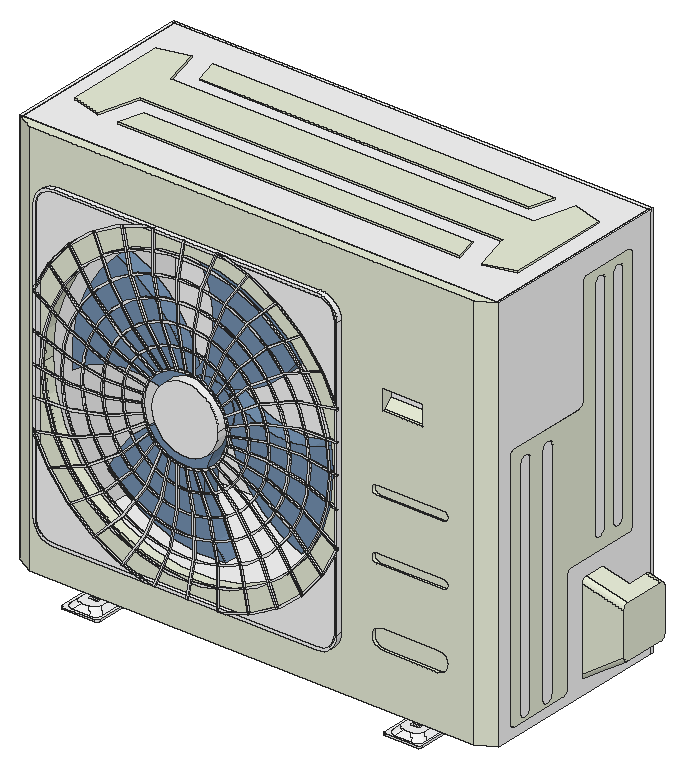
Revit family "SYSCOOL FLOOR 48 HP R, наружный  блок", category Оборудование, Revit 2019
Family settings
  Размер круглого соединителя = Использовать радиус
  Тип детали = Нормальный
  Номер OmniClass = 23.75.00.00
  Заголовок OmniClass = Climate Control (HVAC)
  На основе рабочей плоскости = Нет
  Всегда вертикально = Да
  При загрузке вырезать с полостями = Нет
  Общий = Нет
  Точка расчета площади = Нет
Parameters (values of type "MOU-48HN1-R")
  clearance access right = 600.000 mm
  clearance access left = 300.000 mm
  clearance access front = 2000.000 mm
  clearance access behind = 300.000 mm
  clearance [instance] = no
  Width = 946.000 mm
  Series = ""
  Power supply = "380-415V,3Ph,50Hz"
  Net Weight = 98.60 kg
  Группа модели = "MOU-48HN1-R"
  Minimum Circuit Amps = 11 A
  Min cable selection (power wiring) = "5x2.5"
  Maximum Fuse Amps = 25 A
  Liquid pipe Radius = 0.5 * Liquid pipe  # 4.760 mm
  Liquid pipe = 9.520 mm
  Installation = "Outdoor installation"
  Height = 810.000 mm
  Gas pipe Radius = 0.5 * Gas pipe  # 7.950 mm
  Gas pipe = 15.900 mm
  Gas = "R410A"
  Depth = 410.000 mm
  Condensation = ""
  Compressor = "1"
  Casing color = "SB2098"
  Air Flow = 7500.00 m³/h
Reference planes
  plane 1 "Center (Front/Back)": y = 0
  plane 2: z = 0
  plane 3 "Center (Left/Right)": x = 0
  plane 4: y = 221
  plane 5: y = -189
  plane 6: x = -473
  plane 7: x = 473
  plane 8: z = 406.5
  plane 9: z = 300.608
  plane 10: z = 578.117
  plane 11: z = 810
  plane 12: x = 557
  plane 13: x = -122.998
Forms (mm)
  Extrusion 1, solid, material "Galvanized Steel", detail levels medium+fine
    sketch origin (-463, 0, 789) x (1, 0, 0) y (0, 1, 0)
      loop
        line (-9.739, -159) -> (24.902, -179) -> (901.458, -179) -> (936.099, -159) -> (-9.739, -159)
    from -765 to 21
  Extrusion 2, void
    sketch origin (0, 0, 0) x (1, 0, 0) y (0, 0, 1)
      loop
        circle (-122.999, 406.499) r 286
    from 159 to 199
  Extrusion 3, void
    sketch origin (0, 0, 0) x (0, 1, 0) y (0, 0, 1)
      loop
        line (-199, 592.5) -> (-199, 552.5) -> (-174, 552.5) -> (-159, 567.5) -> (-159, 592.5) -> (-199, 592.5)
    from 258.52 to 338.52
  Extrusion 4, void
    sketch origin (0, 0, 105) x (1, 0, 0) y (0, 0, 1)
      loop
        line (248.678, 292.949) -> (378.678, 292.949)
        arc (378.678, 292.949) -> (388.678, 302.949) -> (378.678, 312.949) r 10
        line (378.678, 312.949) -> (248.678, 312.949)
        arc (248.678, 312.949) -> (238.678, 302.949) -> (248.678, 292.949) r 10
    from 173.155 to 179
  Extrusion 5, void
    sketch origin (0, 0, -15) x (1, 0, 0) y (0, 0, 1)
      loop
        line (248.678, 292.949) -> (378.678, 292.949)
        arc (378.678, 292.949) -> (388.678, 302.949) -> (378.678, 312.949) r 10
        line (378.678, 312.949) -> (248.678, 312.949)
        arc (248.678, 312.949) -> (238.678, 302.949) -> (248.678, 292.949) r 10
    from 173.155 to 179
  Extrusion 6, void
    sketch origin (0, 0, -145) x (1, 0, 0) y (0, 0, 1)
      loop
        line (258.678, 272.949) -> (368.678, 272.949)
        arc (368.678, 272.949) -> (388.678, 292.949) -> (368.678, 312.949) r 20
        line (368.678, 312.949) -> (258.678, 312.949)
        arc (258.678, 312.949) -> (238.678, 292.949) -> (258.678, 272.949) r 20
    from 173.155 to 179
  Extrusion 7, solid, material "Galvanized Steel", detail levels fine
    sketch origin (0, 20, 0) x (1, 0, 0) y (0, 1, 0)
      loop
        line (-436.632, 111.286) -> (-436.632, -88.714) -> (-378.677, -104.243) -> (-357.971, -26.969) -> (0, -26.969) -> (357.971, -26.969) -> (378.677, -104.243) -> (436.632, -88.714) -> (436.632, 111.286) -> (378.677, 126.816) -> (357.971, 49.542) -> (0, 49.542) -> (-357.971, 49.542) -> (-378.677, 126.816) -> (-436.632, 111.286)
      loop
        line (-337.266, 126.816) -> (-324.511, 79.213) -> (0, 79.213) -> (324.511, 79.213) -> (337.266, 126.816) -> (0, 126.816) -> (-337.266, 126.816)
      loop
        line (-337.266, -106.816) -> (0, -106.816) -> (337.266, -106.816) -> (324.511, -59.213) -> (0, -59.213) -> (-324.511, -59.213) -> (-337.266, -106.816)
    from 810 to 813
  Extrusion 8, solid, material "Galvanized Steel", detail levels fine
    sketch origin (0, 5, 0) x (0, 1, 0) y (0, 0, 1)
      loop
        arc (51.567, 765.069) -> (44.496, 762.14) -> (41.567, 755.069) r 10
        line (41.567, 755.069) -> (41.567, 545.948)
        arc (41.567, 545.948) -> (38.638, 538.877) -> (31.567, 535.948) r 10
        line (31.567, 535.948) -> (-128.433, 535.948)
        arc (-128.433, 535.948) -> (-135.504, 533.019) -> (-138.433, 525.948) r 10
        line (-138.433, 525.948) -> (-138.433, 55.069)
        arc (-138.433, 55.069) -> (-135.504, 47.998) -> (-128.433, 45.069) r 10
        line (-128.433, 45.069) -> (-10, 45.069)
        arc (-10, 45.069) -> (-2.929, 47.998) -> (0, 55.069) r 10
        line (0, 55.069) -> (0, 255.069)
        arc (0, 255.069) -> (2.929, 262.14) -> (10, 265.069) r 10
        line (10, 265.069) -> (151.567, 265.069)
        arc (151.567, 265.069) -> (158.638, 267.998) -> (161.567, 275.069) r 10
        line (161.567, 275.069) -> (161.567, 755.069)
        arc (161.567, 755.069) -> (158.638, 762.14) -> (151.567, 765.069) r 10
        line (151.567, 765.069) -> (51.567, 765.069)
      loop
        arc (114, 300.608) -> (126.5, 288.108) -> (139, 300.608) r 12.5
        line (139, 300.608) -> (139, 738.569)
        arc (139, 738.569) -> (126.5, 751.069) -> (114, 738.569) r 12.5
        line (114, 738.569) -> (114, 300.608)
      loop
        arc (69, 300.608) -> (81.5, 288.108) -> (94, 300.608) r 12.5
        line (94, 300.608) -> (94, 738.569)
        arc (94, 738.569) -> (81.5, 751.069) -> (69, 738.569) r 12.5
        line (69, 738.569) -> (69, 300.608)
      loop
        arc (-90.334, 502.282) -> (-102.834, 514.782) -> (-115.334, 502.282) r 12.5
        line (-115.334, 502.282) -> (-115.334, 62.282)
        arc (-115.334, 62.282) -> (-102.834, 49.782) -> (-90.334, 62.282) r 12.5
        line (-90.334, 62.282) -> (-90.334, 502.282)
      loop
        arc (-60.433, 62.282) -> (-47.933, 49.782) -> (-35.433, 62.282) r 12.5
        line (-35.433, 62.282) -> (-35.433, 502.282)
        arc (-35.433, 502.282) -> (-47.933, 514.782) -> (-60.433, 502.282) r 12.5
        line (-60.433, 502.282) -> (-60.433, 62.282)
    from 473 to 475
  Extrusion 9, solid, material "Galvanized Steel", detail levels fine
    sketch origin (0, 0, 0) x (0, 1, 0) y (0, 0, 1)
      loop
        circle (108.036, 184) r 4.76
    from 463 to 498.33
  Extrusion 10, solid, material "Galvanized Steel", detail levels fine
    sketch origin (0, 0, -35) x (0, 1, 0) y (0, 0, 1)
      loop
        circle (108.036, 184) r 7.95
    from 463 to 498.33
Cuts and joins
  Extrusion 2, Extrusion 3, Extrusion 4, Extrusion 5, Extrusion 6 cuts Extrusion 1
Lines and regions (mm)
  model lines, detail levels fine
    curve 1: line (208, -179, 789) -> (208, -179, 24)
    curve 2: line (473, -105.87, 759.117) -> (473, 14.13, 759.117)
    curve 3: line (473, 14.13, 759.117) -> (473, 14.13, 579.117)
    curve 4: line (473, 14.13, 579.117) -> (473, -105.87, 579.117)
    curve 5: line (473, -105.87, 579.117) -> (473, -105.87, 759.117)
  model lines
    curve 6: line (-473, 221, 810) -> (-473, -159, 810)
    curve 7: line (473, 221, 810) -> (-473, 221, 810)
    curve 8: line (473, -159, 810) -> (473, 221, 810)
    curve 9: line (-473, -159, 810) -> (473, -159, 810)
    curve 10: line (-473, 221, 24) -> (-473, -159, 24)
    curve 11: line (473, 221, 24) -> (-473, 221, 24)
    curve 12: line (473, -159, 24) -> (473, 221, 24)
    curve 13: line (-473, -159, 24) -> (473, -159, 24)
    curve 14: line (-473, -159, 810) -> (-473, -159, 24)
    curve 15: line (473, -159, 24) -> (473, -159, 810.026)
    curve 16: line (473, 221, 810) -> (473, 221, 24)
    curve 17: line (-473, 221, 24) -> (-473, 221, 810)
Dimensions and locks
  aligned and locked: level to plane 2
Nested families
  nested 1: "pingban-HXL" at (-473, 221, 24), type "pingban-HXL", detail levels medium+fine
    with Width 946.000 mm, Height 786.000 mm, Depth 5.000 mm
  nested 2: "pingban-HXL" at (-473, -159, 24) x (0, 1, 0) z (0, 0, 1), type "pingban-HXL", detail levels medium+fine
    with Width 375.000 mm, Height 786.000 mm, Depth 5.000 mm
  nested 3: "pingban-HXL" at (473, 216, 24) x (0, -1, 0) z (0, 0, 1), type "pingban-HXL", detail levels medium+fine
    with Width 375.000 mm, Height 786.000 mm, Depth 5.000 mm
  nested 4: "xiaodijia2" at (318, 20, 0), type "xiaodijia2", detail levels medium+fine
  nested 5: "xiaodijia2" at (-318, 20, 0), type "xiaodijia2", detail levels medium+fine
  nested 6: "pingban-HXL" at (-468, 216, 24), type "pingban-HXL", detail levels medium+fine
    with Width 936.000 mm, Height 5.000 mm, Depth 375.000 mm
  nested 7: "pingban-HXL" at (-468, 216, 805), type "pingban-HXL", detail levels medium+fine
    with Width 936.000 mm, Height 5.000 mm, Depth 375.000 mm
  nested 8: "service space" at (-473, 221, 0), visible <- "clearance", type "Midea Service  Space"
    with Width 1030.000 mm, Height 810.000 mm, Depth 300.000 mm
  nested 9: "service space" at (557, -189, 0), visible <- "clearance", type "Midea Service  Space"
    with Width 600.000 mm, Height 810.000 mm, Depth 410.000 mm
  nested 10: "service space" at (-773, -189, 0), visible <- "clearance", type "Midea Service  Space"
    with Width 300.000 mm, Height 810.000 mm, Depth 410.000 mm
  nested 11: "service space" at (-479, -2189, 0), visible <- "clearance", type "Midea Service  Space"
    with Width 1036.000 mm, Height 810.000 mm, Depth 2000.000 mm
  nested 12: "pretection" at (503.205, 94, 53.418), type "pretection", detail levels fine
    with clearance no
  nested 13: "fengkou300（fangxing2）" at (-123, -189, 406.5) x (1, 0, 0) z (0, 1, 0), type "fengkou300（fangxing2）", detail levels medium+fine
  nested 14: "fengshan270" at (-122.996, -100, 406.5) x (0, 0, 1) z (0, -1, 0), type "fengshan270", detail levels fine
Connectors
  piping at (498.33, 108.036, 184), diameter 9.52, driven by "Liquid pipe Radius"
    settings: on Extrusion 9, index 1, connector inside diameter 0.3748", connector length 0.000 mm, flow factor 0, pipe flow 0 GPM, pressure drop 0.00 psi, fitting loss kfactor 0, connector angle 0.00°, fixture units 0, engagement length 0.000 mm, angle of deflection 0.00°, flow configuration 0, flow direction 0, fitting loss method 0, system type 7, joint type 0, gender type 0, connector reference index -1, connector utility 0, adjustable connector no, is connector primary no, connector description "Liquid pipe"
  piping at (498.33, 108.036, 149), diameter 15.9, driven by "Gas pipe Radius"
    settings: on Extrusion 10, index 2, connector inside diameter 0.62598", connector length 0.000 mm, flow factor 0, pipe flow 0 GPM, pressure drop 0.00 psi, fitting loss kfactor 0, connector angle 0.00°, fixture units 0, engagement length 0.000 mm, angle of deflection 0.00°, flow configuration 0, flow direction 0, fitting loss method 0, system type 7, joint type 0, gender type 0, connector reference index -1, connector utility 0, adjustable connector no, is connector primary yes, connector description "Gas pipe"
  electrical at (298.52, -159, 580)
    settings: on cut or joined group of Extrusion 1, Extrusion 2, Extrusion 3, Extrusion 4, Extrusion 5, Extrusion 6, index 3, voltage 220 V, apparent load 0 VA, apparent load phase1 0 VA, apparent load phase2 0 VA, apparent load phase3 0 VA, power factor 1, load classification "HVAC", number of poles 1, system type 30, power factor state 1, is connector primary yes, connector utility no, sub classification motor no, connector description "Power supply"
Definition of nested family "pingban-HXL"
  Parameters
    Width [instance] = 65.000 mm
    Series = ""
    Machine material = none
    Installation = ""
    Height [instance] = 100.000 mm
    Gas = ""
    Depth [instance] = 5.000 mm
    Condensation = ""
  Reference planes
    plane 1 "Center (Front/Back)": y = 0
    plane 2: z = 0
    plane 3 "Center (Left/Right)": x = 0
    plane 4: z = 160
    plane 5: x = 65
  Forms (mm)
    Extrusion 1, solid, material <- "Machine material"
      sketch origin (0, 0, 0) x (1, 0, 0) y (0, 0, 1)
        loop
          line (0, 100) -> (0, 0) -> (65, 0) -> (65, 100) -> (0, 100)
      from 0 to 5
  Dimensions and locks
    "Width": Extrusion 1 to plane 3 "Center (Left/Right)"
    "Height": Extrusion 1 to level
    "Depth": Extrusion 1 to plane 1 "Center (Front/Back)"
    aligned and locked: level to plane 2
  Automatic sketch dimensions
    Extrusion 1 sketch curve to plane 3 "Center (Left/Right)" = 0.000 mm
    Extrusion 1 sketch curve to level = 0.000 mm
    Extrusion 1 sketch curve to plane 5 = 0.000 mm
    Extrusion 1 sketch curve to plane 4 = 60.000 mm
Definition of nested family "xiaodijia2"
  Reference planes
    plane 1 "Center (Front/Back)": y = 0
    plane 2: z = 0
    plane 3 "Center (Left/Right)": x = 0
    plane 4: y = 227
    plane 5: x = -36.5
    plane 6: x = 36.5
    plane 7: z = 12
    plane 8: z = 3
    plane 9: z = 24
    plane 10: y = -20
    plane 11: y = 20
    plane 12: x = 21.5
    plane 13: x = -21.5
    plane 14: y = 190
    plane 15: y = -190
    plane 16: x = -6
    plane 17: x = 6
    plane 18: y = -186
    plane 19: y = -194
  Forms (mm)
    Blend 1, solid
      base sketch origin (0, 0, 0) x (1, 0, 0) y (0, 1, 0)
        loop
          line (6.5, 212) -> (-6.5, 212)
          arc (-6.5, 212) -> (-17.107, 207.607) -> (-21.5, 197) r 15
          line (-21.5, 197) -> (-21.5, -197)
          arc (-21.5, -197) -> (-17.107, -207.607) -> (-6.5, -212) r 15
          line (-6.5, -212) -> (6.5, -212)
          arc (6.5, -212) -> (17.107, -207.607) -> (21.5, -197) r 15
          line (21.5, -197) -> (21.5, 197)
          arc (21.5, 197) -> (17.107, 207.607) -> (6.5, 212) r 15
      top sketch origin (0, 0, 0) x (1, 0, 0) y (0, 1, 0)
        loop
          line (26.5, 222) -> (-26.5, 222)
          arc (-26.5, 222) -> (-30.036, 220.536) -> (-31.5, 217) r 5
          line (-31.5, 217) -> (-31.5, -207)
          arc (-31.5, -207) -> (-27.107, -217.607) -> (-16.5, -222) r 15
          line (-16.5, -222) -> (16.5, -222)
          arc (16.5, -222) -> (27.107, -217.607) -> (31.5, -207) r 15
          line (31.5, -207) -> (31.5, 217)
          arc (31.5, 217) -> (30.036, 220.536) -> (26.5, 222) r 5
      from 12 to 3
    Blend 2, void
      base sketch origin (0, 0, 0) x (1, 0, 0) y (0, 1, 0)
        loop
          line (6.5, 202) -> (-6.5, 202)
          arc (-6.5, 202) -> (-10.036, 200.536) -> (-11.5, 197) r 5
          line (-11.5, 197) -> (-11.5, -197)
          arc (-11.5, -197) -> (-10.036, -200.536) -> (-6.5, -202) r 5
          line (-6.5, -202) -> (6.5, -202)
          arc (6.5, -202) -> (10.036, -200.536) -> (11.5, -197) r 5
          line (11.5, -197) -> (11.5, 197)
          arc (11.5, 197) -> (10.036, 200.536) -> (6.5, 202) r 5
      top sketch origin (0, 0, 0) x (1, 0, 0) y (0, 1, 0)
        loop
          line (31.5, -207) -> (31.5, 217)
          arc (31.5, 217) -> (30.036, 220.536) -> (26.5, 222) r 5
          line (26.5, 222) -> (-26.5, 222)
          arc (-26.5, 222) -> (-30.036, 220.536) -> (-31.5, 217) r 5
          line (-31.5, 217) -> (-31.5, -207)
          arc (-31.5, -207) -> (-27.107, -217.607) -> (-16.5, -222) r 15
          line (-16.5, -222) -> (16.5, -222)
          arc (16.5, -222) -> (27.107, -217.607) -> (31.5, -207) r 15
      from 8.355 to 3
    Extrusion 3, solid
      sketch origin (0, 0, 0) x (1, 0, 0) y (0, 1, 0)
        loop
          arc (-31.5, 227) -> (-35.036, 225.536) -> (-36.5, 222) r 5
          line (-36.5, 222) -> (-36.5, -222)
          arc (-36.5, -222) -> (-35.036, -225.536) -> (-31.5, -227) r 5
          line (-31.5, -227) -> (31.5, -227)
          arc (31.5, -227) -> (35.036, -225.536) -> (36.5, -222) r 5
          line (36.5, -222) -> (36.5, 222)
          arc (36.5, 222) -> (35.036, 225.536) -> (31.5, 227) r 5
          line (31.5, 227) -> (-31.5, 227)
        loop
          arc (-26.5, 222) -> (-30.036, 220.536) -> (-31.5, 217) r 5
          line (-31.5, 217) -> (-31.5, -207)
          arc (-31.5, -207) -> (-27.107, -217.607) -> (-16.5, -222) r 15
          line (-16.5, -222) -> (16.5, -222)
          arc (16.5, -222) -> (27.107, -217.607) -> (31.5, -207) r 15
          line (31.5, -207) -> (31.5, 217)
          arc (31.5, 217) -> (30.036, 220.536) -> (26.5, 222) r 5
          line (26.5, 222) -> (-26.5, 222)
      from 0 to 3
    Extrusion 4, solid
      sketch origin (0, 0, 0) x (0, 1, 0) y (0, 0, 1)
        loop
          arc (-19.275, 24) -> (-19.902, 23.667) -> (-20.264, 23.056) r 1.312
          line (-20.264, 23.056) -> (-22.833, 13.434)
          arc (-22.833, 13.434) -> (-23.437, 12.605) -> (-24.266, 12) r 3.318
          line (-24.266, 12) -> (24.266, 12)
          arc (24.266, 12) -> (23.437, 12.605) -> (22.833, 13.434) r 3.318
          line (22.833, 13.434) -> (20.264, 23.056)
          arc (20.264, 23.056) -> (19.902, 23.667) -> (19.275, 24) r 1.312
          line (19.275, 24) -> (-19.275, 24)
      from -21.5 to 21.5
    Extrusion 5, solid
      sketch origin (0, 150, 0) x (0, 1, 0) y (0, 0, 1)
        loop
          arc (-19.275, 24) -> (-19.902, 23.667) -> (-20.264, 23.056) r 1.312
          line (-20.264, 23.056) -> (-22.833, 13.434)
          arc (-22.833, 13.434) -> (-23.437, 12.605) -> (-24.266, 12) r 3.318
          line (-24.266, 12) -> (24.266, 12)
          arc (24.266, 12) -> (23.437, 12.605) -> (22.833, 13.434) r 3.318
          line (22.833, 13.434) -> (20.264, 23.056)
          arc (20.264, 23.056) -> (19.902, 23.667) -> (19.275, 24) r 1.312
          line (19.275, 24) -> (-19.275, 24)
      from -21.5 to 21.5
    Extrusion 6, solid
      sketch origin (0, -150, 0) x (0, 1, 0) y (0, 0, 1)
        loop
          arc (-19.275, 24) -> (-19.902, 23.667) -> (-20.264, 23.056) r 1.312
          line (-20.264, 23.056) -> (-22.833, 13.434)
          arc (-22.833, 13.434) -> (-23.437, 12.605) -> (-24.266, 12) r 3.318
          line (-24.266, 12) -> (24.266, 12)
          arc (24.266, 12) -> (23.437, 12.605) -> (22.833, 13.434) r 3.318
          line (22.833, 13.434) -> (20.264, 23.056)
          arc (20.264, 23.056) -> (19.902, 23.667) -> (19.275, 24) r 1.312
          line (19.275, 24) -> (-19.275, 24)
      from -21.5 to 21.5
    Extrusion 7, void
      sketch origin (0, 0, 0) x (1, 0, 0) y (0, 1, 0)
        loop
          arc (-6, -186) -> (-10, -190) -> (-6, -194) r 4
          line (-6, -194) -> (6, -194)
          arc (6, -194) -> (10, -190) -> (6, -186) r 4
          line (6, -186) -> (-6, -186)
        loop
          line (-6, 186) -> (6, 186)
          arc (6, 186) -> (10, 190) -> (6, 194) r 4
          line (6, 194) -> (-6, 194)
          arc (-6, 194) -> (-10, 190) -> (-6, 186) r 4
      from 0 to 20
  Cuts and joins
    Blend 2, Extrusion 7 cuts Blend 1
  Dimensions and locks
    aligned and locked: level to plane 2
Definition of nested family "service space"
  Parameters
    Width [instance] = 500.000 mm
    Height [instance] = 500.000 mm
    Depth [instance] = 500.000 mm
  Reference planes
    plane 1 "Center (Front/Back)": y = 0
    plane 2: z = 0
    plane 3 "Center (Left/Right)": x = 0
    plane 4: z = 500
    plane 5: y = 500
    plane 6: x = 500
  Forms (mm)
    Extrusion 1, solid
      sketch origin (0, 0, 0) x (1, 0, 0) y (0, 1, 0)
        loop
          line (0, 500) -> (0, 0) -> (500, 0) -> (500, 500) -> (0, 500)
      from 0 to 500
  Dimensions and locks
    "Width": plane 3 "Center (Left/Right)" to plane 6
    "Depth": plane 5 to plane 1 "Center (Front/Back)"
    "Height": level to plane 4
    aligned and locked: level to plane 2
    aligned and locked: plane 5 to Extrusion 1
    aligned and locked: Extrusion 1 to plane 6
    aligned and locked: Extrusion 1 to plane 3 "Center (Left/Right)"
    aligned and locked: plane 1 "Center (Front/Back)" to Extrusion 1
    aligned and locked: Extrusion 1 to plane 4
  Automatic sketch dimensions
    Extrusion 1 sketch curve to plane 3 "Center (Left/Right)" = 0.000 mm
    plane 1 "Center (Front/Back)" to Extrusion 1 sketch curve = 0.000 mm
    Extrusion 1 sketch curve to plane 6 = 0.000 mm
    Extrusion 1 sketch curve to plane 5 = 0.000 mm
Definition of nested family "pretection"
  Parameters
    clearance access right = 0.000 mm
    clearance access left = 0.000 mm
    clearance access front = 0.000 mm
    clearance access behind = 0.000 mm
    clearance [instance] = no
    Width = 102.000 mm
    Series = ""
    Panel color = ""
    Net Weight = 0.00 kg
    Minimum Circuit Amps = 0 A
    Min cable selection (power wiring) = ""
    Maximum Fuse Amps = 0 A
    Machine material = none
    Installation = ""
    Height = 180.000 mm
    Heating Power Input = 0.00 kW
    Heating Capacity = 0.00 kW
    Gas = ""
    Depth = 100.000 mm
    Cooling Power Input = 0.00 kW
    Cooling Capacity = 0.00 kW
    Condensation = ""
    Compressor = ""
    Casing color = ""
    Air Flow = 0.00 m³/h
  Reference planes
    plane 1 "Center (Front/Back)": y = 0
    plane 2: z = 0
    plane 3 "Center (Left/Right)": x = 0
    plane 4: z = 170
    plane 5: z = 10
    plane 6: y = 40
    plane 7: y = -40
    plane 8: z = 68.89
    plane 9: z = 152.015
    plane 10: x = 53.795
    plane 11: x = -30.205
  Forms (mm)
    Blend 1, solid
      base sketch origin (0, 0, 0) x (0, 1, 0) y (0, 0, 1)
        loop
          arc (-40, 162.015) -> (-47.071, 159.086) -> (-50, 152.015) r 10
          line (-50, 152.015) -> (-50, 68.89)
          arc (-50, 68.89) -> (-47.071, 61.819) -> (-40, 58.89) r 10
          line (-40, 58.89) -> (40, 58.89)
          arc (40, 58.89) -> (47.071, 61.819) -> (50, 68.89) r 10
          line (50, 68.89) -> (50, 152.015)
          arc (50, 152.015) -> (47.071, 159.086) -> (40, 162.015) r 10
          line (40, 162.015) -> (-40, 162.015)
      top sketch origin (0, 0, 0) x (0, 1, 0) y (0, 0, 1)
        loop
          arc (-40, 180) -> (-47.071, 177.071) -> (-50, 170) r 10
          line (-50, 170) -> (-50, 10)
          arc (-50, 10) -> (-47.071, 2.929) -> (-40, 0) r 10
          line (-40, 0) -> (40, 0)
          arc (40, 0) -> (47.071, 2.929) -> (50, 10) r 10
          line (50, 10) -> (50, 170)
          arc (50, 170) -> (47.071, 177.071) -> (40, 180) r 10
          line (40, 180) -> (-40, 180)
      from 53.795 to -30.205
    Blend 2, void
      base sketch origin (0, 0, 0) x (0, 1, 0) y (0, 0, 1)
        loop
          line (40, 157.015) -> (-40, 157.015)
          arc (-40, 157.015) -> (-43.536, 155.55) -> (-45, 152.015) r 5
          line (-45, 152.015) -> (-45, 68.89)
          arc (-45, 68.89) -> (-43.536, 65.354) -> (-40, 63.89) r 5
          line (-40, 63.89) -> (40, 63.89)
          arc (40, 63.89) -> (43.536, 65.354) -> (45, 68.89) r 5
          line (45, 68.89) -> (45, 152.015)
          arc (45, 152.015) -> (43.536, 155.55) -> (40, 157.015) r 5
      top sketch origin (0, 0, 0) x (0, 1, 0) y (0, 0, 1)
        loop
          line (40, 175) -> (-40, 175)
          arc (-40, 175) -> (-43.536, 173.536) -> (-45, 170) r 5
          line (-45, 170) -> (-45, 10)
          arc (-45, 10) -> (-43.536, 6.464) -> (-40, 5) r 5
          line (-40, 5) -> (40, 5)
          arc (40, 5) -> (43.536, 6.464) -> (45, 10) r 5
          line (45, 10) -> (45, 170)
          arc (45, 170) -> (43.536, 173.536) -> (40, 175) r 5
      from 45.659 to -59.109
    Extrusion 3, void
      sketch origin (0, 0, 0) x (1, 0, 0) y (0, 1, 0)
        loop
          line (-51, 50) -> (-51, 0) -> (25.403, 0) -> (25.403, 50) -> (-51, 50)
      from 53.418 to 250
  Cuts and joins
    Blend 2, Extrusion 3 cuts Blend 1
  Dimensions and locks
    aligned and locked: level to plane 2
Definition of nested family "fengkou300（fangxing2）"
  Parameters
    Series = ""
    Machine material = none
    Installation = ""
    Gas = ""
    Condensation = ""
  Reference planes
    plane 1 "Center (Front/Back)": y = 0
    plane 2: z = 0
    plane 3 "Center (Left/Right)": x = 0
    plane 4: y = 316
    plane 5: y = -316
    plane 6: x = -300
    plane 7: x = 300
    plane 8: through (306.104, -306.102, 1219.2) normal (-0.7071, -0.7071, 0)
    plane 9: through (-306.478, -306.479, 1219.2) normal (0.7071, -0.7071, 0)
  Forms (mm)
    Extrusion 1, solid, material <- "Machine material"
      sketch origin (0, 0, 0) x (1, 0, 0) y (0, 1, 0)
        loop
          arc (-260, 316) -> (-288.284, 304.284) -> (-300, 276) r 40
          line (-300, 276) -> (-300, -276)
          arc (-300, -276) -> (-288.284, -304.284) -> (-260, -316) r 40
          line (-260, -316) -> (260, -316)
          arc (260, -316) -> (288.284, -304.284) -> (300, -276) r 40
          line (300, -276) -> (300, 276)
          arc (300, 276) -> (288.284, 304.284) -> (260, 316) r 40
          line (260, 316) -> (-260, 316)
        loop
          line (260, 311) -> (-260, 311)
          arc (-260, 311) -> (-284.749, 300.749) -> (-295, 276) r 35
          line (-295, 276) -> (-295, -276)
          arc (-295, -276) -> (-284.749, -300.749) -> (-260, -311) r 35
          line (-260, -311) -> (260, -311)
          arc (260, -311) -> (284.749, -300.749) -> (295, -276) r 35
          line (295, -276) -> (295, 276)
          arc (295, 276) -> (284.749, 300.749) -> (260, 311) r 35
      from 0 to 10
    Extrusion 2, solid, material <- "Machine material"
      sketch origin (-1059.446, 0, 0) x (1, 0, 0) y (0, 1, 0)
        loop
          arc (1057.944, 325.999) -> (1075.678, 204.494) -> (1057.944, 82.989) r 425.111
          line (1057.944, 82.989) -> (1060.944, 82.989)
          arc (1060.944, 82.989) -> (1079.329, 204.494) -> (1060.944, 325.999) r 410.684
          line (1060.944, 325.999) -> (1057.944, 325.999)
        loop
          arc (1060.948, -325.999) -> (1043.214, -204.494) -> (1060.948, -82.989) r 425.111
          line (1060.948, -82.989) -> (1057.948, -82.989)
          arc (1057.948, -82.989) -> (1039.562, -204.494) -> (1057.948, -325.999) r 410.684
          line (1057.948, -325.999) -> (1060.948, -325.999)
        loop
          arc (1385.445, 1.502) -> (1263.939, -16.232) -> (1142.434, 1.502) r 425.111
          line (1142.434, 1.502) -> (1142.434, -1.498)
          arc (1142.434, -1.498) -> (1263.939, -19.884) -> (1385.445, -1.498) r 410.684
          line (1385.445, -1.498) -> (1385.445, 1.502)
        loop
          arc (733.447, -1.502) -> (854.952, 16.232) -> (976.457, -1.502) r 425.111
          line (976.457, -1.502) -> (976.457, 1.498)
          arc (976.457, 1.498) -> (854.952, 19.884) -> (733.447, 1.498) r 410.684
          line (733.447, 1.498) -> (733.447, -1.502)
        loop
          arc (1288.9, 231.578) -> (1215.522, 133.121) -> (1117.065, 59.744) r 425.111
          line (1117.065, 59.744) -> (1119.187, 57.623)
          arc (1119.187, 57.623) -> (1218.105, 130.539) -> (1291.021, 229.457) r 410.684
          line (1291.021, 229.457) -> (1288.9, 231.578)
        loop
          arc (829.992, -231.578) -> (903.369, -133.121) -> (1001.826, -59.744) r 425.111
          line (1001.826, -59.744) -> (999.705, -57.623)
          arc (999.705, -57.623) -> (900.787, -130.539) -> (827.871, -229.457) r 410.684
          line (827.871, -229.457) -> (829.992, -231.578)
        loop
          arc (1291.024, -229.454) -> (1192.567, -156.077) -> (1119.19, -57.62) r 425.111
          line (1119.19, -57.62) -> (1117.068, -59.741)
          arc (1117.068, -59.741) -> (1189.985, -158.659) -> (1288.903, -231.575) r 410.684
          line (1288.903, -231.575) -> (1291.024, -229.454)
        loop
          arc (827.868, 229.454) -> (926.325, 156.077) -> (999.702, 57.62) r 425.111
          line (999.702, 57.62) -> (1001.823, 59.741)
          arc (1001.823, 59.741) -> (928.907, 158.659) -> (829.989, 231.575) r 410.684
          line (829.989, 231.575) -> (827.868, 229.454)
        loop
          arc (1182.812, 301.758) -> (1152.699, 182.716) -> (1089.816, 77.246) r 425.111
          line (1089.816, 77.246) -> (1092.588, 76.098)
          arc (1092.588, 76.098) -> (1156.072, 181.318) -> (1185.584, 300.61) r 410.684
          line (1185.584, 300.61) -> (1182.812, 301.758)
        loop
          arc (936.079, -301.758) -> (966.193, -182.716) -> (1029.075, -77.246) r 425.111
          line (1029.075, -77.246) -> (1026.304, -76.098)
          arc (1026.304, -76.098) -> (962.819, -181.318) -> (933.308, -300.61) r 410.684
          line (933.308, -300.61) -> (936.079, -301.758)
        loop
          arc (1361.204, -123.366) -> (1242.162, -93.253) -> (1136.692, -30.371) r 425.111
          line (1136.692, -30.371) -> (1135.544, -33.142)
          arc (1135.544, -33.142) -> (1240.764, -96.626) -> (1360.056, -126.138) r 410.684
          line (1360.056, -126.138) -> (1361.204, -123.366)
        loop
          arc (757.687, 123.366) -> (876.73, 93.253) -> (982.199, 30.371) r 425.111
          line (982.199, 30.371) -> (983.347, 33.142)
          arc (983.347, 33.142) -> (878.127, 96.626) -> (758.835, 126.138) r 410.684
          line (758.835, 126.138) -> (757.687, 123.366)
        loop
          arc (1360.054, 126.142) -> (1254.585, 63.26) -> (1135.542, 33.146) r 425.111
          line (1135.542, 33.146) -> (1136.69, 30.375)
          arc (1136.69, 30.375) -> (1255.982, 59.886) -> (1361.203, 123.37) r 410.684
          line (1361.203, 123.37) -> (1360.054, 126.142)
        loop
          arc (758.837, -126.142) -> (864.307, -63.26) -> (983.349, -33.146) r 425.111
          line (983.349, -33.146) -> (982.201, -30.375)
          arc (982.201, -30.375) -> (862.909, -59.886) -> (757.689, -123.37) r 410.684
          line (757.689, -123.37) -> (758.837, -126.142)
        loop
          arc (1185.588, -300.609) -> (1122.706, -195.139) -> (1092.592, -76.097) r 425.111
          line (1092.592, -76.097) -> (1089.82, -77.245)
          arc (1089.82, -77.245) -> (1119.332, -196.537) -> (1182.816, -301.757) r 410.684
          line (1182.816, -301.757) -> (1185.588, -300.609)
        loop
          arc (933.304, 300.609) -> (996.186, 195.139) -> (1026.3, 76.097) r 425.111
          line (1026.3, 76.097) -> (1029.071, 77.245)
          arc (1029.071, 77.245) -> (999.56, 196.537) -> (936.075, 301.757) r 410.684
          line (936.075, 301.757) -> (933.304, 300.609)
        loop
          arc (1121.572, 320.028) -> (1115.261, 197.398) -> (1074.163, 81.687) r 425.111
          line (1074.163, 81.687) -> (1077.105, 81.102)
          arc (1077.105, 81.102) -> (1118.842, 196.685) -> (1124.514, 319.443) r 410.684
          line (1124.514, 319.443) -> (1121.572, 320.028)
        loop
          arc (997.32, -320.028) -> (1003.631, -197.398) -> (1044.729, -81.687) r 425.111
          line (1044.729, -81.687) -> (1041.786, -81.102)
          arc (1041.786, -81.102) -> (1000.049, -196.685) -> (994.378, -319.443) r 410.684
          line (994.378, -319.443) -> (997.32, -320.028)
        loop
          arc (1379.474, -62.126) -> (1256.843, -55.815) -> (1141.133, -14.717) r 425.111
          line (1141.133, -14.717) -> (1140.548, -17.659)
          arc (1140.548, -17.659) -> (1256.131, -59.396) -> (1378.888, -65.068) r 410.684
          line (1378.888, -65.068) -> (1379.474, -62.126)
        loop
          arc (739.418, 62.126) -> (862.048, 55.815) -> (977.759, 14.717) r 425.111
          line (977.759, 14.717) -> (978.344, 17.659)
          arc (978.344, 17.659) -> (862.761, 59.396) -> (740.003, 65.068) r 410.684
          line (740.003, 65.068) -> (739.418, 62.126)
        loop
          arc (1329.669, 182.364) -> (1238.494, 100.114) -> (1127.614, 47.355) r 425.111
          line (1127.614, 47.355) -> (1129.28, 44.861)
          arc (1129.28, 44.861) -> (1240.523, 97.078) -> (1331.336, 179.87) r 410.684
          line (1331.336, 179.87) -> (1329.669, 182.364)
        loop
          arc (789.222, -182.364) -> (880.397, -100.114) -> (991.278, -47.355) r 425.111
          line (991.278, -47.355) -> (989.611, -44.861)
          arc (989.611, -44.861) -> (878.369, -97.078) -> (787.556, -179.87) r 410.684
          line (787.556, -179.87) -> (789.222, -182.364)
        loop
          arc (1241.81, -270.223) -> (1159.56, -179.048) -> (1106.801, -68.168) r 425.111
          line (1106.801, -68.168) -> (1104.306, -69.835)
          arc (1104.306, -69.835) -> (1156.524, -181.077) -> (1239.316, -271.89) r 410.684
          line (1239.316, -271.89) -> (1241.81, -270.223)
        loop
          arc (877.082, 270.223) -> (959.332, 179.048) -> (1012.091, 68.168) r 425.111
          line (1012.091, 68.168) -> (1014.585, 69.835)
          arc (1014.585, 69.835) -> (962.368, 181.077) -> (879.576, 271.89) r 410.684
          line (879.576, 271.89) -> (877.082, 270.223)
        loop
          arc (1239.312, 271.893) -> (1186.553, 161.012) -> (1104.303, 69.837) r 425.111
          line (1104.303, 69.837) -> (1106.797, 68.17)
          arc (1106.797, 68.17) -> (1189.589, 158.984) -> (1241.806, 270.226) r 410.684
          line (1241.806, 270.226) -> (1239.312, 271.893)
        loop
          arc (879.58, -271.893) -> (932.339, -161.012) -> (1014.589, -69.837) r 425.111
          line (1014.589, -69.837) -> (1012.094, -68.17)
          arc (1012.094, -68.17) -> (929.303, -158.984) -> (877.085, -270.226) r 410.684
          line (877.085, -270.226) -> (879.58, -271.893)
        loop
          arc (1331.338, -179.866) -> (1220.458, -127.107) -> (1129.283, -44.857) r 425.111
          line (1129.283, -44.857) -> (1127.616, -47.351)
          arc (1127.616, -47.351) -> (1218.429, -130.143) -> (1329.672, -182.361) r 410.684
          line (1329.672, -182.361) -> (1331.338, -179.866)
        loop
          arc (787.553, 179.866) -> (898.434, 127.107) -> (989.609, 44.857) r 425.111
          line (989.609, 44.857) -> (991.275, 47.351)
          arc (991.275, 47.351) -> (900.462, 130.143) -> (789.22, 182.361) r 410.684
          line (789.22, 182.361) -> (787.553, 179.866)
        loop
          arc (1378.887, 65.072) -> (1263.177, 23.975) -> (1140.547, 17.664) r 425.111
          line (1140.547, 17.664) -> (1141.132, 14.721)
          arc (1141.132, 14.721) -> (1263.889, 20.393) -> (1379.473, 62.13) r 410.684
          line (1379.473, 62.13) -> (1378.887, 65.072)
        loop
          arc (740.004, -65.072) -> (855.715, -23.975) -> (978.345, -17.664) r 425.111
          line (978.345, -17.664) -> (977.76, -14.721)
          arc (977.76, -14.721) -> (855.002, -20.393) -> (739.419, -62.13) r 410.684
          line (739.419, -62.13) -> (740.004, -65.072)
        loop
          arc (1124.518, -319.442) -> (1083.42, -203.731) -> (1077.109, -81.101) r 425.111
          line (1077.109, -81.101) -> (1074.167, -81.686)
          arc (1074.167, -81.686) -> (1079.839, -204.444) -> (1121.576, -320.027) r 410.684
          line (1121.576, -320.027) -> (1124.518, -319.442)
        loop
          arc (994.373, 319.442) -> (1035.471, 203.731) -> (1041.782, 81.101) r 425.111
          line (1041.782, 81.101) -> (1044.725, 81.686)
          arc (1044.725, 81.686) -> (1039.053, 204.444) -> (997.316, 320.027) r 410.684
          line (997.316, 320.027) -> (994.373, 319.442)
      from 0 to 2
    Extrusion 3, solid, material <- "Machine material"
      sketch origin (-1059.446, 0, 0) x (1, 0, 0) y (0, 1, 0)
        loop
          circle (1059.448, 0) r 65
      from 0 to 20
    Extrusion 4, solid, material <- "Machine material"
      sketch origin (0, 0, 0) x (1, 0, 0) y (0, 1, 0)
        loop
          circle (0, 0.002) r 326
        loop
          circle (0, 0.002) r 323
        loop
          circle (0, 0.002) r 286
        loop
          circle (0, 0.002) r 283
        loop
          circle (0, 0.002) r 246
        loop
          circle (0, 0.002) r 243
        loop
          circle (0, 0.002) r 206
        loop
          circle (0, 0.002) r 203
        loop
          circle (0, 0.002) r 166
        loop
          circle (0, 0.002) r 163
        loop
          circle (0, 0.002) r 126
        loop
          circle (0, 0.002) r 123
        loop
          circle (0, 0.002) r 86
        loop
          circle (0, 0.002) r 83
      from 0 to 2
    Extrusion 5, void
      sketch origin (0, 0, 0) x (1, 0, 0) y (0, 1, 0)
        loop
          line (260, 316) -> (-260, 316)
          arc (-260, 316) -> (-288.284, 304.284) -> (-300, 276) r 40
          line (-300, 276) -> (-300, -276)
          arc (-300, -276) -> (-288.284, -304.284) -> (-260, -316) r 40
          line (-260, -316) -> (260, -316)
          arc (260, -316) -> (288.284, -304.284) -> (300, -276) r 40
          line (300, -276) -> (300, 276)
          arc (300, 276) -> (288.284, 304.284) -> (260, 316) r 40
        loop
          arc (-260, 416) -> (-358.995, 374.995) -> (-400, 276) r 140
          line (-400, 276) -> (-400, -276)
          arc (-400, -276) -> (-358.995, -374.995) -> (-260, -416) r 140
          line (-260, -416) -> (260, -416)
          arc (260, -416) -> (358.995, -374.995) -> (400, -276) r 140
          line (400, -276) -> (400, 276)
          arc (400, 276) -> (358.995, 374.995) -> (260, 416) r 140
          line (260, 416) -> (-260, 416)
      from 0 to 250
    Extrusion 6, solid, material <- "Machine material"
      sketch origin (0, 0, 0) x (1, 0, 0) y (0, 1, 0)
        loop
          line (-97.757, 311) -> (-260, 311)
          arc (-260, 311) -> (-284.749, 300.749) -> (-295, 276) r 35
          line (-295, 276) -> (-295, 138.75)
          arc (-295, 138.75) -> (-214.434, 245.551) -> (-97.757, 311) r 326
        loop
          arc (-295, -276) -> (-284.749, -300.749) -> (-260, -311) r 35
          line (-260, -311) -> (-97.743, -311)
          arc (-97.743, -311) -> (-214.429, -245.551) -> (-295, -138.746) r 326
          line (-295, -138.746) -> (-295, -276)
        loop
          arc (260, -311) -> (284.749, -300.749) -> (295, -276) r 35
          line (295, -276) -> (295, -138.746)
          arc (295, -138.746) -> (214.429, -245.551) -> (97.743, -311) r 326
          line (97.743, -311) -> (260, -311)
        loop
          arc (295, 276) -> (284.749, 300.749) -> (260, 311) r 35
          line (260, 311) -> (97.757, 311)
          arc (97.757, 311) -> (214.434, 245.551) -> (295, 138.75) r 326
          line (295, 138.75) -> (295, 276)
      from 0 to 2
  Cuts and joins
    Extrusion 5 cuts Extrusion 1
    Extrusion 5 cuts Extrusion 2
    Extrusion 5 cuts Extrusion 4
  Dimensions and locks
    aligned and locked: level to plane 2
Definition of nested family "fengshan270"
  Reference planes
    plane 1 "Center (Front/Back)": y = 0
    plane 2: z = 0
    plane 3 "Center (Left/Right)": x = 0
  Forms (mm)
    Extrusion 1, solid
      sketch origin (0, 0, 0) x (1, 0, 0) y (0, 1, 0)
        loop
          circle (0, 0) r 50
      from 0 to 30
    Extrusion 2, solid
      sketch origin (-20, 0, 0) x (0, -1, 0) y (1, 0, 0)
        loop
          arc (32.105, 288.084) -> (-94.042, 273.093) -> (-199.371, 202.075) r 270
          arc (-199.371, 202.075) -> (-134.798, 110.882) -> (-35, 60.622) r 231.205
          arc (-35, 60.622) -> (0, 70) -> (35, 60.622) r 70
          arc (35, 60.622) -> (-8.793, 173.814) -> (32.105, 288.084) r 173.918
      from 0 to 30
    Extrusion 3, solid
      sketch origin (20, 0, 0) x (0, 1, 0) y (-1, 0, 0)
        loop
          arc (32.105, 288.084) -> (-94.042, 273.093) -> (-199.371, 202.075) r 270
          arc (-199.371, 202.075) -> (-134.798, 110.882) -> (-35, 60.622) r 231.205
          arc (-35, 60.622) -> (0, 70) -> (35, 60.622) r 70
          arc (35, 60.622) -> (-8.793, 173.814) -> (32.105, 288.084) r 173.918
      from 0 to 30
    Extrusion 4, solid
      sketch origin (0, 0, 0) x (1, 0, 0) y (0, 1, 0)
        loop
          arc (32.105, 268.084) -> (-94.042, 253.093) -> (-199.371, 182.075) r 270
          arc (-199.371, 182.075) -> (-134.798, 90.882) -> (-35, 40.622) r 231.205
          arc (-35, 40.622) -> (0, 50) -> (35, 40.622) r 70
          arc (35, 40.622) -> (-8.793, 153.814) -> (32.105, 268.084) r 173.918
        loop
          arc (199.371, -182.075) -> (134.798, -90.882) -> (35, -40.622) r 231.205
          arc (35, -40.622) -> (0, -50) -> (-35, -40.622) r 70
          arc (-35, -40.622) -> (8.793, -153.814) -> (-32.105, -268.084) r 173.918
          arc (-32.105, -268.084) -> (94.042, -253.093) -> (199.371, -182.075) r 270
      from 0 to 30
  Dimensions and locks
    aligned and locked: level to plane 2
